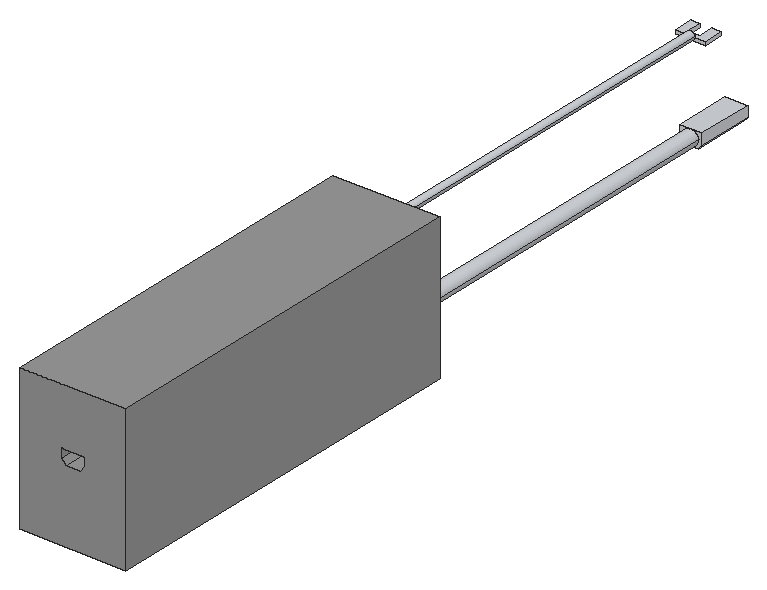
Revit family "Kombischutzgerät für ISDN RJ11", category Generic Models, Revit 2015
Parameters (values of type "RJ45-TELE 4-C")
  Width = 28 mm
  URL = "http://www.obo-bettermann.com"
  Material = Aluminum
  Manufacturer Art.No. = "5081982"
  Manufacturer = "OBO Bettermann"
  Length 1 = 218 mm
  Length = 103 mm
  Height = 38 mm
  GTIN = "4012196415670"
  Article Type = "RJ45-TELE 4-C"
Types (3, lengths in mm): name | Manufacturer Art.No. | GTIN | Article Type
  (no name) | "5081982" | "4012196415670" | "RJ45-TELE 4-C"
  RJ11-TELE 4-C | "5081975" | "4012196415656" | "RJ11-TELE 4-C"
  RJ45-TELE 4-C | "5081982" | "4012196415670" | "RJ45-TELE 4-C"
Reference planes
  plane 1 "Center (Front/Back)": y = 0
  plane 2: z = 0
  plane 3 "Center (Left/Right)": x = 0
  plane 4: y = 103
  plane 5: y = 218
  plane 6: y = 15
  plane 7: y = 203
  plane 8: z = 31
  plane 9: z = 32
Forms (mm)
  Extrusion 1, solid, material "Aluminum" <- "Material"
    sketch origin (0, 0, 0) x (1, 0, 0) y (0, 0, 1)
      loop
        line (-14, 0) -> (14, 0) -> (14, 38) -> (-14, 38) -> (-14, 0)
    from 0 to -103
  Extrusion 2, void
    sketch origin (0, 0, 0) x (1, 0, 0) y (0, 0, 1)
      loop
        line (-3, 23) -> (-3, 20.555) -> (-2, 19) -> (2, 19) -> (3, 20.555) -> (3, 23) -> (-3, 23)
    from -15 to 0
  Extrusion 3, solid
    sketch origin (0, 0, 0) x (1, 0, 0) y (0, 0, 1)
      loop
        circle (0, 8) r 2
    from -203 to -103
  Extrusion 4, solid
    sketch origin (0, 0, 0) x (1, 0, 0) y (0, 0, 1)
      loop
        line (3, 9.998) -> (-3, 9.998) -> (-3, 7.081) -> (-2.012, 5.998) -> (2.026, 5.998) -> (3, 7.081) -> (3, 9.998)
    from -218 to -203
  Extrusion 5, solid
    sketch origin (0, 0, 0) x (1, 0, 0) y (0, 0, 1)
      loop
        circle (0, 31.995) r 1
    from -203 to -103
  Extrusion 6, solid
    sketch origin (0, 0, 0) x (1, 0, 0) y (0, 1, 0)
      loop
        line (4, 203) -> (4, 208) -> (1.5, 208) -> (1.5, 204) -> (-1.5, 204) -> (-1.5, 208) -> (-4, 208) -> (-4, 203) -> (4, 203)
    from 31 to 32
Cuts and joins
  Extrusion 2 cuts Extrusion 1
Dimensions and locks
  "Height": Extrusion 1 sketch curve to Extrusion 1 sketch curve
  "Width": Extrusion 1 sketch curve to Extrusion 1 sketch curve
  equal spacing: Extrusion 1 sketch curve, plane 3 "Center (Left/Right)", Extrusion 1 sketch curve, locked at 14 each
  "Length": plane 1 "Center (Front/Back)" to plane 4
  "Length 1": plane 5 to plane 1 "Center (Front/Back)"
  locked: Extrusion 2 sketch curve to Extrusion 2 sketch curve at 6
  equal spacing: Extrusion 2 sketch curve, plane 3 "Center (Left/Right)", Extrusion 2 sketch curve, locked at 3 each
  locked: Extrusion 2 sketch curve to Extrusion 2 sketch curve at 4  (x2)
  equal spacing: Extrusion 2 sketch curve, plane 3 "Center (Left/Right)", Extrusion 2 sketch curve, locked at 2 each
  locked: Extrusion 1 to Extrusion 2 sketch curve at 15
  locked: plane 6 to plane 1 "Center (Front/Back)" at 15
  locked: cut or joined group of Extrusion 1, Extrusion 2 to Extrusion 3 sketch curve at 8
  locked: plane 5 to plane 7 at 15
  locked: Extrusion 4 sketch curve to Extrusion 4 sketch curve at 6
  equal spacing: Extrusion 4 sketch curve, plane 3 "Center (Left/Right)", Extrusion 4 sketch curve, locked at 3 each
  locked: Extrusion 4 sketch curve to Extrusion 4 sketch curve at 4
  locked: cut or joined group of Extrusion 1, Extrusion 2 to Extrusion 4 sketch curve at 5.998
  locked: Extrusion 5 sketch curve to cut or joined group of Extrusion 1, Extrusion 2 at 6.005
  locked: Extrusion 6 sketch curve to Extrusion 5 at 1
  locked: Extrusion 6 sketch curve to Extrusion 6 sketch curve at 3
  equal spacing: Extrusion 6 sketch curve, plane 3 "Center (Left/Right)", Extrusion 6 sketch curve, locked at 1.5 each
  locked: Extrusion 6 sketch curve to Extrusion 6 sketch curve at 8
  equal spacing: Extrusion 6 sketch curve, plane 3 "Center (Left/Right)", Extrusion 6 sketch curve, locked at 4 each
  locked: Extrusion 6 sketch curve to plane 7 at 5
  locked: plane 8 to level at 31
  locked: plane 8 to plane 9 at 1
  radius of Extrusion 3 sketch curve = 2 mm
  radius of Extrusion 5 sketch curve = 1 mm
  aligned and locked: level to plane 2
  aligned and locked: Extrusion 1 sketch curve to level
  aligned and locked: plane 1 "Center (Front/Back)" to Extrusion 1
  aligned and locked: plane 4 to Extrusion 1
  aligned and locked: plane 1 "Center (Front/Back)" to Extrusion 2
  aligned and locked: Extrusion 2 to plane 6
  aligned and locked: plane 7 to Extrusion 3
  aligned and locked: Extrusion 3 to plane 4
  aligned and locked: plane 5 to Extrusion 4
  aligned and locked: Extrusion 4 to Extrusion 3
  aligned and locked: Extrusion 3 to Extrusion 5
  aligned and locked: Extrusion 5 to plane 4
  aligned and locked: plane 7 to Extrusion 6 sketch curve
  aligned and locked: plane 8 to Extrusion 6
  aligned and locked: Extrusion 6 sketch curve to Extrusion 6 sketch curve
Automatic sketch dimensions
  Extrusion 2 sketch curve to Extrusion 2 sketch curve = 1.555 mm  (x2)
  Extrusion 3 sketch curve to plane 3 "Center (Left/Right)" = 0 mm
  Extrusion 4 sketch curve to Extrusion 4 sketch curve = 0.974 mm
  Extrusion 4 sketch curve to Extrusion 4 sketch curve = 0.988 mm
  Extrusion 4 sketch curve to Extrusion 4 sketch curve = 1.083 mm  (x2)
  Extrusion 5 sketch curve to plane 3 "Center (Left/Right)" = 0 mm
